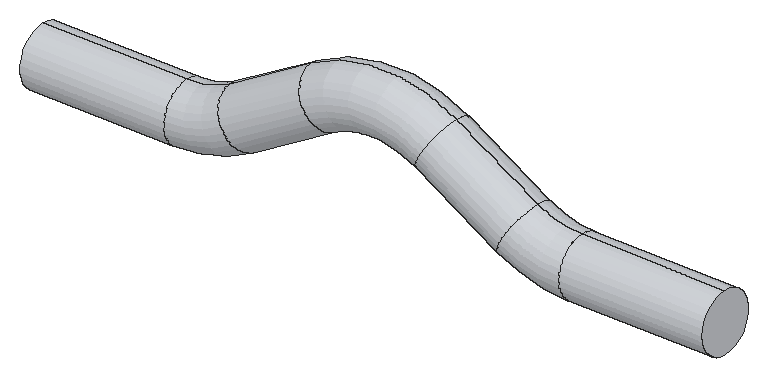
Revit family "RN 81086 Optipress-Überbogen", category Rohrformteile, Revit 2019
Family settings
  Bemaßung runder Anschluss = Durchmesser verwenden
  Teiletyp = Bogen
  OmniClass-Nummer = 23.60.30.11.14
  OmniClass-Titel = Pipework Fittings
  Arbeitsebenenbasiert = Nein
  Immer vertikal = Ja
  Beim Laden mit Abzugskörper schneiden = Nein
  Gemeinsam genutzt = Nein
Parameters (values of type "Var")
  product_index [instance] = size_lookup(RN_tab, "pi", 0, DN1, A)  # 4
  Winkel [instance] = 30.000°  # constant formula
  VdS [instance] = size_lookup(RN_tab, "VdS", 0, DN1, A)  # 1
  Typenkommentare = "Optipress-Überbogen"
  RN_tab = "RN_81086"  # constant formula
  RN_VdS [instance] = VdS = 1  # yes
  RN_Serie [instance] = "Optipress aquaplus"  # constant formula
  RN_NPK [instance] = size_lookup(RN_tab, "NPK", 0, DN1, A)  # 262.435
  RN_Mat = Edelstahl 1.4401
  RN_Manufactur = "R. Nussbaum AG"  # constant formula
  RN_LOD [instance] = "LOD 400"  # constant formula
  RN_EAN [instance] = size_lookup(RN_tab, "EAN", 0, DN1, A)  # 612945024084
  RN_Description [instance] = if(product_index = 1, "Optipress aquagaz Überbogen DN12", if(product_index = 2, "Optipress aquagaz Überbogen DN15", if(product_index = 3, "Optipress aquagaz Überbogen DN20", if(product_index = 4, "Optipress aquagaz Überbogen DN25", "0"))))  # "Optipress aquagaz Überbogen DN25"
  RN_DN1 [instance] = 25 mm
  RN_Articlenumber [instance] = size_lookup(RN_tab, "ArtNr", 0, DN1, A)  # 81086.25
  L1r [instance] = if(or(L1 rechts = L1, L1 rechts < L1), L1 rechts, L1)  # 0.000 mm
  L1l [instance] = if(or(L1 links = L1, L1 links < L1), L1 links, L1)  # 0.000 mm
  L1 rechts [instance] = 0.000 mm
  L1 links [instance] = 0.000 mm
  L1 [instance] = size_lookup(RN_tab, "L1", 0.000 mm, DN1, A)  # 42.000 mm
  Ht [instance] = H - (Ds1 / 2)  # 38.000 mm
  H [instance] = size_lookup(RN_tab, "H", 0.000 mm, DN1, A)  # 52.000 mm
  L [instance] = size_lookup(RN_tab, "L", 0.000 mm, DN1, A)  # 332.000 mm
  Lh [instance] = L / 2  # 166.000 mm
  URL = "https://www.nussbaum.ch/productdetail?v=7612945024084"
  R [instance] = size_lookup(RN_tab, "R", 0.000 mm, DN1, A)  # 56.620 mm
  Modell = "81086.25"
  Hersteller = RN_Manufactur  # "R. Nussbaum AG"
  L2 [instance] = size_lookup(RN_tab, "L2", 0.000 mm, DN1, A)  # 84.500 mm
  IFCExportType = "BEND"  # constant formula
  IFCExportAs = "IfcPipeFitting"  # constant formula
  Ds1 [instance] = size_lookup(RN_tab, "Ds1", 0 mm, DN1, A)  # 28 mm
  DN1 [instance] = size_lookup("RN_DN", "DN", size_lookup("RN_Inch", "DN", 0.000 mm, RN_DN1), RN_DN1)  # 25.000 mm
  Beschreibung = "Überbogen"  # constant formula
  A [instance] = Winkel  # 30.000°
Reference planes
  plane 1 "Center (Front/Back)": y = 0
  plane 2: z = 0
  plane 3 "Center (Left/Right)": x = 0
  plane 4: x = 332
  plane 5: x = 166
  plane 6: x = 0
  plane 7: x = 332
Forms (mm)
  Sweep 1, solid
    path in 3D
      loop
        line (0, 0, 0) -> (69.84, 0, 0)
        arc (69.84, 0, 0) -> (84.494, 0, 1.929) -> (98.15, 0, 7.586) r 56.62
        line (98.15, 0, 7.586) -> (137.69, 0, 30.414)
        arc (137.69, 0, 30.414) -> (166, 0, 38) -> (194.31, 0, 30.414) r 56.62
        line (194.31, 0, 30.414) -> (233.85, 0, 7.586)
        arc (233.85, 0, 7.586) -> (247.506, 0, 1.929) -> (262.16, 0, 0) r 56.62
        line (262.16, 0, 0) -> (332, 0, 0)
    profile origin (34.92, 0, 0) x (0, 0, 1) y (0, -1, 0)
      loop
        circle (0, 0) r 14
Lines and regions (mm)
  model lines, style "Fittings"
    curve 1: line (98.15, 0, 7.586) -> (137.69, 0, 30.414)
    curve 2: line (194.31, 0, 30.414) -> (233.85, 0, 7.586)
  reference lines
    curve 3: line (0, 0, 7.5) -> (0, 0, -7.5)
  model lines
    curve 4: arc (69.84, 0, 0) -> (84.494, 0, 1.929) -> (98.15, 0, 7.586) r 56.62
    curve 5: line (0, 0, 0) -> (69.84, 0, 0)
    curve 6: line (332, 0, 0) -> (262.16, 0, 0)
    curve 7: arc (233.85, 0, 7.586) -> (247.506, 0, 1.929) -> (262.16, 0, 0) r 56.62
    curve 8: arc (137.69, 0, 30.414) -> (166, 0, 38) -> (194.31, 0, 30.414) r 56.62
  sketch lines
    curve 9: line (0, 0, 0) -> (69.84, 0, 0)
    curve 10: arc (69.84, 0, 0) -> (84.494, 0, 1.929) -> (98.15, 0, 7.586) r 56.62
    curve 11: line (98.15, 0, 7.586) -> (137.69, 0, 30.414)
    curve 12: arc (137.69, 0, 30.414) -> (166, 0, 38) -> (194.31, 0, 30.414) r 56.62
    curve 13: line (194.31, 0, 30.414) -> (233.85, 0, 7.586)
    curve 14: arc (233.85, 0, 7.586) -> (247.506, 0, 1.929) -> (262.16, 0, 0) r 56.62
    curve 15: line (332, 0, 0) -> (262.16, 0, 0)
Dimensions and locks
  "Lh": plane 5 to plane 3 "Center (Left/Right)"
  "Lh": plane 4 to plane 5
  "L1l": plane 3 "Center (Left/Right)" to plane 6
  "L1r": plane 7 to plane 4
  "L": plane 4 to plane 3 "Center (Left/Right)"
  "Ht": curve 8 to level
  "R": radius of curve 4
  "R": radius of curve 7
  "R": radius of curve 8
  "Ds1": diameter of Sweep 1 sketch curve
  "A": angle level to curve 1
  "A": angle curve 2 to level
  aligned and locked: level to plane 2
  aligned and locked: curve 3 to plane 3 "Center (Left/Right)"
  aligned and locked: curve 5 to level
  aligned and locked: plane 6 to curve 5
  aligned and locked: plane 5 to curve 8
  aligned and locked: plane 7 to curve 6
Automatic sketch dimensions
  curve 3 to level = 7.500 mm
  level to curve 3 = 7.500 mm
  curve 6 to level = 0.000 mm
  profile plane to Sweep 1 sketch curve = 0.000 mm
  Sweep 1 sketch curve to profile plane = 0.000 mm
Connectors
  piping at (332, 0, 0), diameter 25, driven by "DN1"
    settings: on Sweep 1, index 1, connector inside diameter 609.6 mm, connector length 0.000 mm, flow factor 0, pipe flow 0.0 L/s, pressure drop 0.0 Pa, fitting loss kfactor 0, connector angle 0.000°, fixture units 0, engagement length 0.000 mm, angle of deflection 0.000°, flow configuration 0, flow direction 0, fitting loss method 0, system type 28, joint type 0, gender type 0, connector reference index -1, connector utility 0, adjustable connector no, is connector primary yes, connector description ""
  piping at (0, 0, 0), diameter 25, driven by "DN1"
    settings: on Sweep 1, index 2, connector inside diameter 609.6 mm, connector length 0.000 mm, flow factor 0, pipe flow 0.0 L/s, pressure drop 0.0 Pa, fitting loss kfactor 0, connector angle 0.000°, fixture units 0, engagement length 0.000 mm, angle of deflection 0.000°, flow configuration 0, flow direction 0, fitting loss method 0, system type 28, joint type 0, gender type 0, connector reference index -1, connector utility 0, adjustable connector no, is connector primary no, connector description ""
